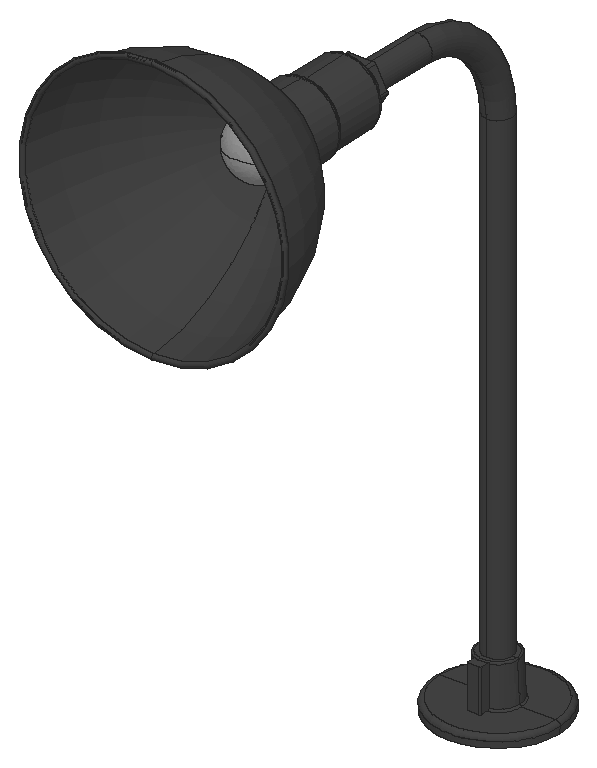
Revit family "BLE-G-DBW-G8-E26", category Lighting Fixtures, host Face, Revit 2022
Family settings
  Host = Face
  Round Connector Dimension = Use Diameter
  Part Type = Normal
  Cut with Voids When Loaded = No
  Light Source = Yes
  Maintain Annotation Orientation = No
  Shared = No
  Room Calculation Point = No
Parameters (values of type "10"")
  Wattage = 5.72229 W
  built-in parameter 1150110 = 1 (stored number, unit not read)
  built-in parameter 1114217 = 1 (stored number, unit not read)
  Tilt Angle = 0.00°
  built-in parameter 1150109 = 1 (stored number, unit not read)
  built-in parameter 1150134 = (empty or 0)
  built-in parameter 1150113 = 1 (stored number, unit not read)
  Gooseneck Material = 100 - Black
  Shade Material = 100 - Black
  Photometric Web File = "generic"
  built-in parameter 1150142 = (empty or 0)
  built-in parameter 1150105 = 67.641 (stored number, unit not read)
  Lumens = 850 lm
  built-in parameter 1150115 = 1 (stored number, unit not read)
  built-in parameter 1150137 = (empty or 0)
  built-in parameter 1150139 = (empty or 0)
  built-in parameter 1150112 = 1 (stored number, unit not read)
  built-in parameter 1150114 = 1 (stored number, unit not read)
  built-in parameter 1150132 = 2
  built-in parameter 1150102 = (empty or 0)
  built-in parameter 1150107 = 3000 (stored number, unit not read)
  built-in parameter 1150138 = (empty or 0)
  built-in parameter 1150106 = 0.67641 (stored number, unit not read)
  24" = no
  built-in parameter 1150104 = 13.8 (stored number, unit not read)
  20" = no
  Dimming Lamp Color Temperature Shift = <None>
  Default Elevation = 4' - 0"
  Color Filter = 16777215
  Base Material = 100 - Black
  built-in parameter 1114218 = 1 (stored number, unit not read)
  built-in parameter 1150133 = 10 (stored number, unit not read)
  16" = no
  14" = no
  12" = no
  10" = yes
Types (7): name | 24" | 20" | 16" | 14" | 12" | 10"
  (no name) | no | no | no | no | no | yes
  12" | no | no | no | no | yes | no
  14" | no | no | no | yes | no | no
  16" | no | no | yes | no | no | no
  10" | no | no | no | no | no | yes
  20" | no | yes | no | no | no | no
  24" | yes | no | no | no | no | no
Reference planes (in)
  plane 1 "Center (Front/Back)": y = 0
  plane 2: z = 0
  plane 3 "Center (Left/Right)": x = 0
Lines and regions (in)
  reference lines
    curve 1: line (0, 32, 0) -> (0, -36, 0)
    curve 2: line (-33.11947, 0, 0) -> (37.88053, 0, 0)
Dimensions and locks (in)
  locked: plane 1 "Center (Front/Back)" to imposter light at 11
  aligned and locked: plane 2 to host face
  aligned and locked: level to host face
  aligned and locked: plane 3 "Center (Left/Right)" to nested 1
  aligned and locked: plane 1 "Center (Front/Back)" to nested 1
  aligned and locked: nested 4 to imposter light
  aligned and locked: imposter light to nested 6  (x2)
  aligned and locked: nested 7 to nested 3
  aligned and locked: imposter light to plane 3 "Center (Left/Right)"
  aligned and locked: plane 1 "Center (Front/Back)" to nested 2
  aligned and locked: imposter light to nested 2
  aligned and locked: nested 5 to imposter light
  aligned and locked: imposter light to nested 3
  aligned and locked: nested 7 to imposter light
  aligned and locked: nested 3 to imposter light
Nested families (in)
  nested 1: "WBP-7501" at (0, 0, 0), type "WBP-7501"
  nested 2: "GNK-7508" at (0, 0, 1.975), type "GNK-5011"
  nested 3: "DBW Shade" at (0, -7.02665, 23.72498) x (0, 0, -1) z (0, -1, 0), type "DBW Shade"
    with 24" no, 20" no, 16" no, 14" no, 12" no
  nested 4: "103264" at (0, -3.60156, 23.72498) x (0, 0, -1) z (0, -1, 0), type "103264"
    with Heat Sink 9" no
  nested 5: "CPL-0004" at (0, -6.37647, 23.72498) x (1, 0, 0) z (0, -1, 0), type "CPL-0004"
  nested 6: "E26 Socket Assy" at (0, -7.06571, 23.72498) x (0, 0, -1) z (0, -1, 0), type "E26 Socket Assy"
  nested 7: "E26 Bulb" at (0, -9.3207, 23.72498) x (1, 0, 0) z (0, -1, 0), type "E26 Bulb"
Connectors (in)
  electrical at (0, 0, 0)
    settings: index 1, voltage 0 V, apparent load 0 VA, apparent load phase1 0 VA, apparent load phase2 0 VA, apparent load phase3 0 VA, power factor 1, load classification "Other", number of poles 1, system type 31, power factor state 1, is connector primary yes, connector utility no, sub classification motor no, connector description ""
Definition of nested family "WBP-7501"
  Parameters (values of type "WBP-7501")
    Default Elevation = 3' - 0"
    Base Material = none
  Reference planes (in)
    plane 1 "Center (Front/Back)": y = 0
    plane 2: z = 0
    plane 3 "Center (Left/Right)": x = 0
    plane 4 "Base Dia": x = -2.325
    plane 5 "Base Height": z = 0.4
    plane 6 "Fillet Radius": z = 0.225
    plane 7: z = 0.458
    plane 8: x = -0.87
    plane 9: x = -0.81
    plane 10: x = -0.76
    plane 11: z = 1.917
    plane 12: z = 1.975
    plane 13: x = -0.7
    plane 14: x = -0.2595
    plane 15: x = 0.2595
    plane 16: y = -1.135
  Forms (in)
    Extrusion 1, solid
      sketch origin (0, 0, 0) x (1, 0, 0) y (0, 1, 0)
        loop
          line (-48, 48) -> (-48, -48) -> (48, -48) -> (48, 48) -> (-48, 48)
      from 0 to -12
    Revolve 2, solid, material <- "Base Material"
      sketch origin (0, 0, 0) x (1, 0, 0) y (0, 0, 1)
        loop
          line (0, 0) -> (0, 1.975) -> (-0.7, 1.975)
          arc (-0.7, 1.975) -> (-0.74172, 1.95814) -> (-0.76, 1.91702) r 0.06003
          line (-0.76, 1.91702) -> (-0.81, 0.458)
          arc (-0.81, 0.458) -> (-0.82699, 0.41699) -> (-0.868, 0.4) r 0.058
          line (-0.868, 0.4) -> (-2.15, 0.4)
          arc (-2.15, 0.4) -> (-2.27374, 0.34874) -> (-2.325, 0.225) r 0.175
          line (-2.325, 0.225) -> (-2.325, 0) -> (0, 0)
        axis (0, 0) -> (0, 1.975)
      angle from 0 to 360
    Extrusion 3, solid, material <- "Base Material"
      sketch origin (0, 0, 0) x (1, 0, 0) y (0, 1, 0)
        loop
          line (-0.2595, -0.76731) -> (-0.2595, -1.075)
          arc (-0.2595, -1.075) -> (-0.24193, -1.11743) -> (-0.1995, -1.135) r 0.06
          line (-0.1995, -1.135) -> (0.1995, -1.135)
          arc (0.1995, -1.135) -> (0.24193, -1.11743) -> (0.2595, -1.075) r 0.06
          line (0.2595, -1.075) -> (0.2595, -0.76731)
          arc (0.2595, -0.76731) -> (0, -0.81) -> (-0.2595, -0.76731) r 0.81
      from 0 to 1.975
  Cuts and joins
    joined: Revolve 2, Extrusion 3
  Dimensions and locks (in)
    plane 4 "Base Dia" to plane 3 "Center (Left/Right)" = 0' - 2.325"
    locked: plane 5 "Base Height" to Extrusion 1 at 0.4
    locked: plane 3 "Center (Left/Right)" to plane 4 "Base Dia" at 2.325
    locked: plane 5 "Base Height" to plane 6 "Fillet Radius" at 0.175
    locked: plane 3 "Center (Left/Right)" to plane 9 at 0.81
    locked: plane 3 "Center (Left/Right)" to plane 8 at 0.87
    locked: plane 3 "Center (Left/Right)" to plane 10 at 0.76
    locked: plane 3 "Center (Left/Right)" to plane 13 at 0.7
    locked: plane 11 to plane 5 "Base Height" at 1.517
    locked: plane 12 to plane 5 "Base Height" at 1.575
    locked: plane 7 to plane 5 "Base Height" at 0.058
    locked: plane 14 to plane 3 "Center (Left/Right)" at 0.2595
    locked: plane 3 "Center (Left/Right)" to plane 15 at 0.2595
    locked: plane 16 to plane 1 "Center (Front/Back)" at 1.135
    radius of Revolve 2 sketch curve = 0' - 0.175"
    aligned and locked: plane 2 to Extrusion 1
    aligned and locked: level to Extrusion 1
    aligned and locked: Revolve 2 sketch curve to plane 5 "Base Height"
    aligned and locked: plane 9 to Revolve 2 sketch curve
    aligned and locked: plane 3 "Center (Left/Right)" to Revolve 2 sketch curve
    aligned and locked: plane 15 to Extrusion 3 sketch curve
    aligned and locked: Extrusion 3 sketch curve to plane 16
    aligned and locked: Extrusion 3 sketch curve to plane 14
  Automatic sketch dimensions
    Extrusion 1 sketch curve to Extrusion 1 sketch curve = 8' - 0"  (x2)
    Revolve 2 sketch curve to level = 0' - 0"
    Revolve 2 sketch curve to plane 4 "Base Dia" = 0' - 0"
    Revolve 2 sketch curve to plane 7 = 0' - 0"  (x2)
    plane 10 to Revolve 2 sketch curve = 0' - 0"
    Revolve 2 sketch curve to plane 12 = 0' - 0"
    Revolve 2 sketch curve to plane 13 = 0' - 0"
    Revolve 2 sketch curve to plane 3 "Center (Left/Right)" = 0' - 0"
    Revolve 2 sketch curve to Revolve 2 sketch curve = 0' - 0.22742"
    Revolve 2 sketch curve to Revolve 2 sketch curve = 0' - 1.76377"
    plane 1 "Center (Front/Back)" to Extrusion 3 sketch curve = 0' - 0"
    Extrusion 3 sketch curve to plane 3 "Center (Left/Right)" = 0' - 0"
    plane 14 to Extrusion 3 sketch curve = 0' - 0.06"
    Extrusion 3 sketch curve to plane 15 = 0' - 0.06"
    Extrusion 3 sketch curve to Extrusion 3 sketch curve = 0' - 0.30769"
Definition of nested family "GNK-7508"
  Parameters (values of type "GNK-7508")
    Gooseneck Material = none
    Default Elevation = 2' - 0"
  Reference planes (in)
    plane 1 "Center (Front/Back)": y = 0
    plane 2: z = 0
    plane 3 "Center (Left/Right)": x = 0
    plane 4 "Wood Height": z = 0
    plane 5: z = 21.74998
  Forms (in)
    Extrusion 1, solid
      sketch origin (0, 0, 0) x (1, 0, 0) y (0, 1, 0)
        loop
          line (-48, 48) -> (-48, -48) -> (48, -48) -> (48, 48) -> (-48, 48)
      from 0 to -12
    Sweep 2, solid, material <- "Gooseneck Material"
      path origin (0, 0, 0) x (0, 1, 0) y (0, 0, 1)
        loop
          line (0, -0.0015) -> (0, 18.00133)
          arc (0, 18.00133) -> (-1.09796, 20.65203) -> (-3.74865, 21.74998) r 3.74865
          line (-3.74865, 21.74998) -> (-6.37647, 21.74998)
      profile origin (0, 0, 8.99991) x (0, -1, 0) y (1, 0, 0)
        loop
          circle (0, 0) r 0.52676
  Dimensions and locks (in)
    aligned and locked: plane 2 to Extrusion 1
    aligned and locked: level to Extrusion 1
    aligned and locked: Extrusion 1 to plane 4 "Wood Height"
  Automatic sketch dimensions
    Extrusion 1 sketch curve to Extrusion 1 sketch curve = 8' - 0"  (x2)
    Sweep 2 sketch curve to plane 1 "Center (Front/Back)" = 0' - 0"
    plane 1 "Center (Front/Back)" to Sweep 2 sketch curve = 0' - 3.74865"
    level to Sweep 2 sketch curve = 1' - 6.00133"
    Sweep 2 sketch curve to Sweep 2 sketch curve = 0' - 2.62782"
    Sweep 2 sketch curve to level = 0' - 0.0015"
    Sweep 2 sketch curve to plane 3 "Center (Left/Right)" = 0' - 0"
    Sweep 2 sketch curve to profile plane = 0' - 0"
    radius of Sweep 2 sketch curve = 0' - 0.52676"
Definition of nested family "DBW Shade"
  Parameters (values of type "DBW Shade")
    Shade Material = none
    Default Elevation = 2' - 0"
    24" = yes
    20" = yes
    10" = yes
    16" = yes
    14" = yes
    12" = yes
  Reference planes (in)
    plane 1 "Center (Front/Back)": y = 0
    plane 2: z = 0
    plane 3 "Center (Left/Right)": x = 0
  Forms (in)
    Extrusion 1, solid
      sketch origin (0, 0, 0) x (1, 0, 0) y (0, 1, 0)
        loop
          line (-48, 48) -> (-48, -48) -> (48, -48) -> (48, 48) -> (-48, 48)
      from 0 to -12
  Dimensions and locks (in)
    aligned and locked: plane 2 to Extrusion 1
    aligned and locked: level to Extrusion 1
    aligned and locked: plane 1 "Center (Front/Back)" to nested 1
    aligned and locked: plane 3 "Center (Left/Right)" to nested 1
    aligned and locked: plane 3 "Center (Left/Right)" to nested 2
    aligned and locked: plane 1 "Center (Front/Back)" to nested 2
    aligned and locked: plane 1 "Center (Front/Back)" to nested 3
    aligned and locked: plane 3 "Center (Left/Right)" to nested 3
    aligned and locked: plane 1 "Center (Front/Back)" to nested 4
    aligned and locked: plane 1 "Center (Front/Back)" to nested 5
    aligned and locked: plane 3 "Center (Left/Right)" to nested 5
    aligned and locked: plane 3 "Center (Left/Right)" to nested 6
    aligned and locked: plane 1 "Center (Front/Back)" to nested 6
    aligned and locked: plane 3 "Center (Left/Right)" to nested 4
  Nested families (in)
    nested 1: "SHD-0028" at (0, 0, 0), visible <- "10"", type "SHD-0028"
    nested 2: "SHD-0029" at (0, 0, 0), visible <- "12"", type "SHD-0029"
    nested 3: "SHD-0114" at (0, 0, 0), visible <- "14"", type "SHD-0114"
    nested 4: "SHD-0115" at (0, 0, 0), visible <- "16"", type "SHD-0115"
    nested 5: "SHD-0308" at (0, 0, 0), visible <- "24"", type "SHD-0308"
    nested 6: "SHD-0223" at (0, 0, 0), visible <- "20"", type "SHD-0223"
  Definition of nested family "SHD-0028"
    Parameters (values of type "SHD-0028")
      Shade Material = none
      Default Elevation = 2' - 0"
    Reference planes (in)
      plane 1 "Center (Front/Back)": y = 0
      plane 2: z = 0
      plane 3 "Center (Left/Right)": x = 0
      plane 4 "Wood Height": z = 0
      plane 5 "Nut Radius": x = -1.03713
      plane 6 "Nut Flat": x = -0.861
      plane 7 "Shade Thickness": z = 0.04
      plane 8 "Lower Shade bottom": z = 9.109
      plane 9 "Lower Shade Outer Dia": x = -5
      plane 10 "Shade Top Dia": x = -1.20713
      plane 11 "Shade Middle Radius Height1": z = 1.965
      plane 12 "Shade Lower Diameter1": x = -1.44113
      plane 13 "Shade Top Radius": x = -1.29713
      plane 14 "Shade Middle Radious Height2": z = 2.105
      plane 15 "Shade Middle Radius Diameter2": x = -1.41363
      plane 16 "Lip Height": z = 9.029
      plane 17 "Bowl Start": z = 3.545
      plane 18: x = -4.85
      plane 19: z = 9.069
    Forms (in)
      Extrusion 1, solid
        sketch origin (0, 0, 0) x (1, 0, 0) y (0, 1, 0)
          loop
            line (-48, 48) -> (-48, -48) -> (48, -48) -> (48, 48) -> (-48, 48)
        from 0 to -12
      Revolve 2, solid, material <- "Shade Material"
        sketch origin (0, 0, 0) x (1, 0, 0) y (0, 0, 1)
          loop
            line (0, 0) -> (0, 0.03906) -> (-1.20713, 0.03906)
            arc (-1.20713, 0.03906) -> (-1.24314, 0.05398) -> (-1.25806, 0.09) r 0.05094
            line (-1.25806, 0.09) -> (-1.25806, 1.94384)
            arc (-1.25806, 1.94384) -> (-1.26409, 1.97759) -> (-1.28141, 2.00717) r 0.09757
            line (-1.28141, 2.00717) -> (-1.37456, 2.11635) -> (-1.37456, 3.48096)
            arc (-1.37456, 3.48096) -> (-1.39014, 3.54099) -> (-1.43295, 3.58588) r 0.12347
            arc (-1.43295, 3.58588) -> (-3.7536, 5.90437) -> (-4.80544, 9.01154) r 7.20294
            arc (-4.80544, 9.01154) -> (-4.99326, 9.04214) -> (-4.84504, 8.9228) r 0.09841
            line (-4.84504, 8.9228) -> (-4.86619, 8.95581)
            arc (-4.86619, 8.95581) -> (-4.95809, 9.02506) -> (-4.84432, 9.00777) r 0.05934
            arc (-4.84432, 9.00777) -> (-3.78678, 5.88375) -> (-1.45354, 3.55268) r 7.242
            arc (-1.45354, 3.55268) -> (-1.42428, 3.522) -> (-1.41363, 3.48096) r 0.0844
            line (-1.41363, 3.48096) -> (-1.41363, 2.13147)
            arc (-1.41363, 2.13147) -> (-1.40868, 2.10377) -> (-1.39446, 2.07949) r 0.08009
            line (-1.39446, 2.07949) -> (-1.31112, 1.98181)
            arc (-1.31112, 1.98181) -> (-1.30074, 1.96408) -> (-1.29713, 1.94384) r 0.0585
            line (-1.29713, 1.94384) -> (-1.29713, 0.09)
            arc (-1.29713, 0.09) -> (-1.27077, 0.02636) -> (-1.20713, 0) r 0.09
            line (-1.20713, 0) -> (0, 0)
          axis (0, 9.01154) -> (0, 0)
        angle from 0 to 360
    Dimensions and locks (in)
      locked: plane 6 "Nut Flat" to plane 3 "Center (Left/Right)" at 0.861
      locked: plane 7 "Shade Thickness" to plane 4 "Wood Height" at 0.04
      locked: plane 3 "Center (Left/Right)" to plane 9 "Lower Shade Outer Dia" at 5
      locked: plane 11 "Shade Middle Radius Height1" to plane 4 "Wood Height" at 1.965
      locked: plane 14 "Shade Middle Radious Height2" to plane 4 "Wood Height" at 2.105
      locked: plane 8 "Lower Shade bottom" to plane 16 "Lip Height" at 0.08
      locked: plane 17 "Bowl Start" to plane 4 "Wood Height" at 3.545
      locked: plane 18 to plane 9 "Lower Shade Outer Dia" at 0.15
      locked: plane 8 "Lower Shade bottom" to plane 19 at 0.04
      locked: plane 8 "Lower Shade bottom" to plane 4 "Wood Height" at 9.109
      aligned and locked: plane 2 to Extrusion 1
      aligned and locked: level to Extrusion 1
      aligned and locked: plane 4 "Wood Height" to Revolve 2 sketch curve
      aligned and locked: plane 10 "Shade Top Dia" to Revolve 2 sketch curve
      aligned and locked: Revolve 2 sketch curve to plane 15 "Shade Middle Radius Diameter2"
      aligned and locked: Revolve 2 sketch curve to plane 13 "Shade Top Radius"
      aligned and locked: Extrusion 1 to plane 4 "Wood Height"
    Automatic sketch dimensions
      Extrusion 1 sketch curve to Extrusion 1 sketch curve = 8' - 0"  (x2)
      Revolve 2 sketch curve to Revolve 2 sketch curve = 0' - 0"  (x12)
      Revolve 2 sketch curve to plane 3 "Center (Left/Right)" = 0' - 0"  (x2)
      plane 18 to Revolve 2 sketch curve = 0' - 0.00496"
      Revolve 2 sketch curve to plane 18 = 0' - 0.01619"
      plane 15 "Shade Middle Radius Diameter2" to Revolve 2 sketch curve = 0' - 0.01916"
      plane 14 "Shade Middle Radious Height2" to Revolve 2 sketch curve = 0' - 0.01135"
      plane 15 "Shade Middle Radius Diameter2" to Revolve 2 sketch curve = 0' - 0 5/128"
      Revolve 2 sketch curve to plane 11 "Shade Middle Radius Height1" = 0' - 0.02116"
      plane 15 "Shade Middle Radius Diameter2" to Revolve 2 sketch curve = 0' - 0.058"
      plane 14 "Shade Middle Radious Height2" to Revolve 2 sketch curve = 0' - 0.02647"
      Revolve 2 sketch curve to plane 13 "Shade Top Radius" = 0' - 0.01572"
      Revolve 2 sketch curve to Revolve 2 sketch curve = 0' - 0 5/128"
      Revolve 2 sketch curve to plane 17 "Bowl Start" = 0' - 0.06404"
      plane 18 to Revolve 2 sketch curve = 0' - 0.00568"
      plane 17 "Bowl Start" to Revolve 2 sketch curve = 0' - 0.15101"
      Revolve 2 sketch curve to Revolve 2 sketch curve = 0' - 2.15863"
      Revolve 2 sketch curve to plane 12 "Shade Lower Diameter1" = 0' - 0.00818"
      Revolve 2 sketch curve to Revolve 2 sketch curve = 0' - 0.03888"  (x2)
      Revolve 2 sketch curve to Revolve 2 sketch curve = 0' - 0.03301"
      Revolve 2 sketch curve to Revolve 2 sketch curve = 0' - 0.02059"
      Revolve 2 sketch curve to Revolve 2 sketch curve = 0' - 0.03319"
  Definition of nested family "SHD-0029"
    Parameters (values of type "SHD-0029")
      Shade Material = none
      Default Elevation = 2' - 0"
    Reference planes (in)
      plane 1 "Center (Front/Back)": y = 0
      plane 2: z = 0
      plane 3 "Center (Left/Right)": x = 0
      plane 4 "Wood Height": z = 0
      plane 5 "Nut Radius": x = -1.03713
      plane 6 "Nut Flat": x = -0.861
      plane 7 "Shade Thickness": z = 0.04
      plane 8 "Shade Top Dia": x = -1.20713
      plane 9 "Shade Middle Radius Height1": z = 1.965
      plane 10 "Shade Lower Diameter1": x = -1.44113
      plane 11 "Shade Top Radius": x = -1.29713
      plane 12 "Shade Middle Radious Height2": z = 2.105
      plane 13 "Shade Middle Radius Diameter2": x = -1.41363
      plane 14 "Bowl Start": z = 3.545
    Forms (in)
      Extrusion 1, solid
        sketch origin (0, 0, 0) x (1, 0, 0) y (0, 1, 0)
          loop
            line (-48, 48) -> (-48, -48) -> (48, -48) -> (48, 48) -> (-48, 48)
        from 0 to -12
      Revolve 2, solid, material <- "Shade Material"
        sketch origin (0, 0, 0) x (1, 0, 0) y (0, 0, 1)
          loop
            line (0, 0) -> (0, 0.03906) -> (-1.20713, 0.03906)
            arc (-1.20713, 0.03906) -> (-1.24314, 0.05398) -> (-1.25806, 0.09) r 0.05094
            line (-1.25806, 0.09) -> (-1.25806, 1.94384)
            arc (-1.25806, 1.94384) -> (-1.26409, 1.97759) -> (-1.28141, 2.00717) r 0.09757
            line (-1.28141, 2.00717) -> (-1.37456, 2.11635) -> (-1.37456, 3.49488)
            arc (-1.37456, 3.49488) -> (-1.3856, 3.54027) -> (-1.41623, 3.57553) r 0.09889
            arc (-1.41623, 3.57553) -> (-4.2546, 6.22323) -> (-5.80711, 9.7808) r 9.56481
            arc (-5.80711, 9.7808) -> (-5.99536, 9.79563) -> (-5.84506, 9.68132) r 0.09841
            line (-5.84506, 9.68132) -> (-5.86621, 9.71432)
            arc (-5.86621, 9.71432) -> (-5.9593, 9.78052) -> (-5.84534, 9.77276) r 0.05934
            arc (-5.84534, 9.77276) -> (-4.28694, 6.2013) -> (-1.43786, 3.54296) r 9.60387
            arc (-1.43786, 3.54296) -> (-1.42003, 3.5218) -> (-1.41363, 3.49488) r 0.05982
            line (-1.41363, 3.49488) -> (-1.41363, 2.13147)
            arc (-1.41363, 2.13147) -> (-1.40868, 2.10377) -> (-1.39446, 2.07949) r 0.08009
            line (-1.39446, 2.07949) -> (-1.31112, 1.98181)
            arc (-1.31112, 1.98181) -> (-1.30074, 1.96408) -> (-1.29713, 1.94384) r 0.0585
            line (-1.29713, 1.94384) -> (-1.29713, 0.09)
            arc (-1.29713, 0.09) -> (-1.27077, 0.02636) -> (-1.20713, 0) r 0.09
            line (-1.20713, 0) -> (0, 0)
          axis (0, 9.7808) -> (0, 0)
        angle from 0 to 360
    Dimensions and locks (in)
      locked: plane 6 "Nut Flat" to plane 3 "Center (Left/Right)" at 0.861
      locked: plane 7 "Shade Thickness" to plane 4 "Wood Height" at 0.04
      locked: plane 9 "Shade Middle Radius Height1" to plane 4 "Wood Height" at 1.965
      locked: plane 12 "Shade Middle Radious Height2" to plane 4 "Wood Height" at 2.105
      locked: plane 14 "Bowl Start" to plane 4 "Wood Height" at 3.545
      aligned and locked: plane 2 to Extrusion 1
      aligned and locked: level to Extrusion 1
      aligned and locked: plane 4 "Wood Height" to Revolve 2 sketch curve
      aligned and locked: plane 8 "Shade Top Dia" to Revolve 2 sketch curve
      aligned and locked: Revolve 2 sketch curve to plane 13 "Shade Middle Radius Diameter2"
      aligned and locked: Revolve 2 sketch curve to plane 11 "Shade Top Radius"
      aligned and locked: Extrusion 1 to plane 4 "Wood Height"
    Automatic sketch dimensions
      Extrusion 1 sketch curve to Extrusion 1 sketch curve = 8' - 0"  (x2)
      Revolve 2 sketch curve to Revolve 2 sketch curve = 0' - 0"  (x15)
      Revolve 2 sketch curve to plane 3 "Center (Left/Right)" = 0' - 0"  (x2)
      plane 10 "Shade Lower Diameter1" to Revolve 2 sketch curve = 0' - 0.03232"
      Revolve 2 sketch curve to Revolve 2 sketch curve = 0' - 0.02115"
      Revolve 2 sketch curve to Revolve 2 sketch curve = 0' - 0.0372"
      plane 13 "Shade Middle Radius Diameter2" to Revolve 2 sketch curve = 0' - 0.01916"
      plane 12 "Shade Middle Radious Height2" to Revolve 2 sketch curve = 0' - 0.01135"
      plane 13 "Shade Middle Radius Diameter2" to Revolve 2 sketch curve = 0' - 0 5/128"
      Revolve 2 sketch curve to plane 9 "Shade Middle Radius Height1" = 0' - 0.02116"
      plane 13 "Shade Middle Radius Diameter2" to Revolve 2 sketch curve = 0' - 0.058"
      plane 12 "Shade Middle Radious Height2" to Revolve 2 sketch curve = 0' - 0.02647"
      Revolve 2 sketch curve to plane 11 "Shade Top Radius" = 0' - 0.01572"
      Revolve 2 sketch curve to Revolve 2 sketch curve = 0' - 0 5/128"
      Revolve 2 sketch curve to plane 14 "Bowl Start" = 0' - 0.05012"
      Revolve 2 sketch curve to Revolve 2 sketch curve = 0' - 0.03301"
      Revolve 2 sketch curve to Revolve 2 sketch curve = 0' - 0.04623"
      Revolve 2 sketch curve to plane 13 "Shade Middle Radius Diameter2" = 0' - 0.00261"
      Revolve 2 sketch curve to plane 14 "Bowl Start" = 0' - 0.00204"
      plane 14 "Bowl Start" to Revolve 2 sketch curve = 0' - 0.15101"
      Revolve 2 sketch curve to Revolve 2 sketch curve = 0' - 2.15863"
      plane 10 "Shade Lower Diameter1" to Revolve 2 sketch curve = 0' - 4.40394"
      plane 3 "Center (Left/Right)" to Revolve 2 sketch curve = 0' - 3.5532"
      plane 14 "Bowl Start" to Revolve 2 sketch curve = 0' - 6.13632"
  Definition of nested family "SHD-0114"
    Parameters (values of type "SHD-0114")
      Shade Material = none
      Default Elevation = 2' - 0"
    Reference planes (in)
      plane 1 "Center (Front/Back)": y = 0
      plane 2: z = 0
      plane 3 "Center (Left/Right)": x = 0
      plane 4 "Wood Height": z = 0
    Forms (in)
      Extrusion 1, solid
        sketch origin (0, 0, 0) x (1, 0, 0) y (0, 1, 0)
          loop
            line (-48, 48) -> (-48, -48) -> (48, -48) -> (48, 48) -> (-48, 48)
        from 0 to -12
      Revolve 2, solid, material <- "Shade Material"
        sketch origin (0, 0, 0) x (1, 0, 0) y (0, 0, 1)
          loop
            line (0, 0) -> (0, 0.03906) -> (-1.45545, 0.03906)
            arc (-1.45545, 0.03906) -> (-1.49164, 0.05405) -> (-1.50663, 0.09025) r 0.05119
            line (-1.50663, 0.09025) -> (-1.50663, 2.07228)
            arc (-1.50663, 2.07228) -> (-1.51325, 2.1034) -> (-1.53194, 2.12913) r 0.0765
            line (-1.53194, 2.12913) -> (-1.59895, 2.18946)
            arc (-1.59895, 2.18946) -> (-1.61737, 2.21483) -> (-1.62389, 2.24549) r 0.07539
            line (-1.62389, 2.24549) -> (-1.62389, 3.76049)
            arc (-1.62389, 3.76049) -> (-1.63985, 3.81863) -> (-1.68326, 3.86047) r 0.11386
            arc (-1.68326, 3.86047) -> (-5.12462, 6.95788) -> (-6.79993, 11.27416) r 9.99002
            arc (-6.79993, 11.27416) -> (-6.99505, 11.29998) -> (-6.84047, 11.17815) r 0.10205
            line (-6.84047, 11.17815) -> (-6.86365, 11.20959)
            arc (-6.86365, 11.20959) -> (-6.95906, 11.28479) -> (-6.83863, 11.26885) r 0.06299
            arc (-6.83863, 11.26885) -> (-5.15677, 6.93569) -> (-1.70196, 3.82617) r 10.02909
            arc (-1.70196, 3.82617) -> (-1.67344, 3.79868) -> (-1.66295, 3.76049) r 0.07479
            line (-1.66295, 3.76049) -> (-1.66295, 2.24549)
            arc (-1.66295, 2.24549) -> (-1.65306, 2.19894) -> (-1.62508, 2.16043) r 0.11445
            line (-1.62508, 2.16043) -> (-1.55808, 2.1001)
            arc (-1.55808, 2.1001) -> (-1.54893, 2.08751) -> (-1.54569, 2.07228) r 0.03743
            line (-1.54569, 2.07228) -> (-1.54569, 0.09025)
            arc (-1.54569, 0.09025) -> (-1.51926, 0.02643) -> (-1.45545, 0) r 0.09025
            line (-1.45545, 0) -> (0, 0)
          axis (0, 11.27416) -> (0, 0)
        angle from 0 to 360
    Dimensions and locks (in)
      aligned and locked: plane 2 to Extrusion 1
      aligned and locked: level to Extrusion 1
      aligned and locked: Extrusion 1 to plane 4 "Wood Height"
    Automatic sketch dimensions
      Extrusion 1 sketch curve to Extrusion 1 sketch curve = 8' - 0"  (x2)
      Revolve 2 sketch curve to Revolve 2 sketch curve = 0' - 0"  (x25)
      Revolve 2 sketch curve to level = 0' - 0"
      Revolve 2 sketch curve to plane 3 "Center (Left/Right)" = 0' - 0"  (x2)
      Revolve 2 sketch curve to Revolve 2 sketch curve = 0' - 0.01239"
      Revolve 2 sketch curve to Revolve 2 sketch curve = 0' - 0.07479"
      Revolve 2 sketch curve to Revolve 2 sketch curve = 0' - 0.02318"
      Revolve 2 sketch curve to Revolve 2 sketch curve = 0' - 0.03738"
      Revolve 2 sketch curve to Revolve 2 sketch curve = 0' - 0.03144"
      Revolve 2 sketch curve to Revolve 2 sketch curve = 0' - 0.0507"
      Revolve 2 sketch curve to Revolve 2 sketch curve = 0' - 0.01869"  (x2)
      Revolve 2 sketch curve to Revolve 2 sketch curve = 0' - 2.15863"
      plane 3 "Center (Left/Right)" to Revolve 2 sketch curve = 0' - 3.09734"
      Revolve 2 sketch curve to Revolve 2 sketch curve = 0' - 0.02614"
      Revolve 2 sketch curve to Revolve 2 sketch curve = 0' - 0 5/128"  (x2)
      Revolve 2 sketch curve to Revolve 2 sketch curve = 0' - 1.45545"
      Revolve 2 sketch curve to Revolve 2 sketch curve = 0' - 0.05119"
      Revolve 2 sketch curve to Revolve 2 sketch curve = 0' - 0.02531"
      Revolve 2 sketch curve to Revolve 2 sketch curve = 0' - 0.01656"
      Revolve 2 sketch curve to Revolve 2 sketch curve = 0' - 0.02505"
      Revolve 2 sketch curve to Revolve 2 sketch curve = 0' - 0.05045"
      Revolve 2 sketch curve to plane 3 "Center (Left/Right)" = 0' - 6.84047"
      Revolve 2 sketch curve to Revolve 2 sketch curve = 0' - 1.98204"
      Revolve 2 sketch curve to Revolve 2 sketch curve = 0' - 1.515"
      Revolve 2 sketch curve to Revolve 2 sketch curve = 0' - 7.41765"
      Revolve 2 sketch curve to Revolve 2 sketch curve = 0' - 0.06448"
  Definition of nested family "SHD-0115"
    Parameters (values of type "SHD-0115")
      Shade Material = none
      Default Elevation = 2' - 0"
    Reference planes (in)
      plane 1 "Center (Front/Back)": y = 0
      plane 2: z = 0
      plane 3 "Center (Left/Right)": x = 0
      plane 4 "Wood Height": z = 0
    Forms (in)
      Extrusion 1, solid
        sketch origin (0, 0, 0) x (1, 0, 0) y (0, 1, 0)
          loop
            line (-48, 48) -> (-48, -48) -> (48, -48) -> (48, 48) -> (-48, 48)
        from 0 to -12
      Revolve 2, solid, material <- "Shade Material"
        sketch origin (0, 0, 0) x (1, 0, 0) y (0, 0, 1)
          loop
            line (0, 0) -> (0, 0.03906) -> (-1.45545, 0.03906)
            arc (-1.45545, 0.03906) -> (-1.49164, 0.05405) -> (-1.50663, 0.09025) r 0.05119
            line (-1.50663, 0.09025) -> (-1.50663, 2.07228)
            arc (-1.50663, 2.07228) -> (-1.51325, 2.1034) -> (-1.53194, 2.12913) r 0.0765
            line (-1.53194, 2.12913) -> (-1.59895, 2.18946)
            arc (-1.59895, 2.18946) -> (-1.61737, 2.21483) -> (-1.62389, 2.24549) r 0.07539
            line (-1.62389, 2.24549) -> (-1.62389, 3.76049)
            arc (-1.62389, 3.76049) -> (-1.64115, 3.82076) -> (-1.6877, 3.86276) r 0.11386
            arc (-1.6877, 3.86276) -> (-5.9143, 7.51176) -> (-7.79992, 12.76759) r 10.98102
            arc (-7.79992, 12.76759) -> (-7.99459, 12.80067) -> (-7.84102, 12.67655) r 0.10205
            line (-7.84102, 12.67655) -> (-7.8642, 12.70799)
            arc (-7.8642, 12.70799) -> (-7.95899, 12.7846) -> (-7.83883, 12.76418) r 0.06299
            arc (-7.83883, 12.76418) -> (-5.94651, 7.48965) -> (-1.70487, 3.82767) r 11.02008
            arc (-1.70487, 3.82767) -> (-1.67429, 3.80009) -> (-1.66295, 3.76049) r 0.07479
            line (-1.66295, 3.76049) -> (-1.66295, 2.24549)
            arc (-1.66295, 2.24549) -> (-1.65306, 2.19894) -> (-1.62508, 2.16043) r 0.11445
            line (-1.62508, 2.16043) -> (-1.55808, 2.1001)
            arc (-1.55808, 2.1001) -> (-1.54893, 2.08751) -> (-1.54569, 2.07228) r 0.03743
            line (-1.54569, 2.07228) -> (-1.54569, 0.09025)
            arc (-1.54569, 0.09025) -> (-1.51926, 0.02643) -> (-1.45545, 0) r 0.09025
            line (-1.45545, 0) -> (0, 0)
          axis (0, 12.76759) -> (0, 0)
        angle from 0 to 360
    Dimensions and locks (in)
      aligned and locked: plane 2 to Extrusion 1
      aligned and locked: level to Extrusion 1
      aligned and locked: Extrusion 1 to plane 4 "Wood Height"
    Automatic sketch dimensions
      Extrusion 1 sketch curve to Extrusion 1 sketch curve = 8' - 0"  (x2)
      Revolve 2 sketch curve to Revolve 2 sketch curve = 0' - 0"  (x16)
      Revolve 2 sketch curve to level = 0' - 0"
      Revolve 2 sketch curve to plane 3 "Center (Left/Right)" = 0' - 0"  (x2)
      Revolve 2 sketch curve to Revolve 2 sketch curve = 0' - 1.45545"
      Revolve 2 sketch curve to plane 3 "Center (Left/Right)" = 0' - 1.50663"
      Revolve 2 sketch curve to Revolve 2 sketch curve = 0' - 0.02531"
      Revolve 2 sketch curve to Revolve 2 sketch curve = 0' - 0 5/128"
      Revolve 2 sketch curve to Revolve 2 sketch curve = 0' - 0.01656"
      Revolve 2 sketch curve to Revolve 2 sketch curve = 0' - 0.01239"
      Revolve 2 sketch curve to Revolve 2 sketch curve = 0' - 0.02505"
      Revolve 2 sketch curve to Revolve 2 sketch curve = 0' - 0.05045"
      Revolve 2 sketch curve to Revolve 2 sketch curve = 0' - 0.02494"
      Revolve 2 sketch curve to Revolve 2 sketch curve = 0' - 0.02614"
      Revolve 2 sketch curve to Revolve 2 sketch curve = 0' - 0.07479"
      Revolve 2 sketch curve to Revolve 2 sketch curve = 0' - 0.02318"
      Revolve 2 sketch curve to Revolve 2 sketch curve = 0' - 0.03738"
      plane 3 "Center (Left/Right)" to Revolve 2 sketch curve = 0' - 3.13919"
      Revolve 2 sketch curve to Revolve 2 sketch curve = 0' - 1.98204"
      Revolve 2 sketch curve to Revolve 2 sketch curve = 0' - 1.515"
      Revolve 2 sketch curve to Revolve 2 sketch curve = 0' - 0.03144"
      Revolve 2 sketch curve to Revolve 2 sketch curve = 0' - 0.0507"
      Revolve 2 sketch curve to Revolve 2 sketch curve = 0' - 1.04947"
      Revolve 2 sketch curve to Revolve 2 sketch curve = 0' - 0.03891"
      Revolve 2 sketch curve to Revolve 2 sketch curve = 0' - 0.06448"
      Revolve 2 sketch curve to Revolve 2 sketch curve = 0' - 2.15863"
  Definition of nested family "SHD-0308"
    Parameters (values of type "SHD-0308")
      Shade Material = none
      Default Elevation = 2' - 0"
    Reference planes (in)
      plane 1 "Center (Front/Back)": y = 0
      plane 2: z = 0
      plane 3 "Center (Left/Right)": x = 0
      plane 4 "Wood Height": z = 0
    Forms (in)
      Extrusion 1, solid
        sketch origin (0, 0, 0) x (1, 0, 0) y (0, 1, 0)
          loop
            line (-48, 48) -> (-48, -48) -> (48, -48) -> (48, 48) -> (-48, 48)
        from 0 to -12
      Revolve 2, solid, material <- "Shade Material"
        sketch origin (0, 0, 0) x (1, 0, 0) y (0, 0, 1)
          loop
            line (0, 0) -> (0, 0.03906) -> (-2.22237, 0.03906)
            arc (-2.22237, 0.03906) -> (-2.2742, 0.06053) -> (-2.29567, 0.11236) r 0.0733
            line (-2.29567, 0.11236) -> (-2.29567, 3.09806)
            arc (-2.29567, 3.09806) -> (-2.30835, 3.16758) -> (-2.34475, 3.22814) r 0.19691
            line (-2.34475, 3.22814) -> (-2.42725, 3.32189)
            arc (-2.42725, 3.32189) -> (-2.46224, 3.38009) -> (-2.47442, 3.4469) r 0.18923
            line (-2.47442, 3.4469) -> (-2.47442, 5.72055)
            arc (-2.47442, 5.72055) -> (-2.4994, 5.80773) -> (-2.56677, 5.86845) r 0.16462
            arc (-2.56677, 5.86845) -> (-9.0535, 11.47959) -> (-11.91654, 19.56448) r 16.76616
            arc (-11.91654, 19.56448) -> (-11.93143, 19.59499) -> (-11.96306, 19.60734) r 0.04667
            line (-11.96306, 19.60734) -> (-12.00319, 19.60734)
            arc (-12.00319, 19.60734) -> (-12.07667, 19.53386) -> (-12.00319, 19.46037) r 0.07348
            line (-12.00319, 19.46037) -> (-11.96309, 19.46037) -> (-11.96309, 19.49944) -> (-12.00319, 19.49944)
            arc (-12.00319, 19.49944) -> (-12.03761, 19.53386) -> (-12.00319, 19.56828) r 0.03442
            line (-12.00319, 19.56828) -> (-11.95604, 19.56828)
            arc (-11.95604, 19.56828) -> (-9.08774, 11.46046) -> (-2.58392, 5.83336) r 16.80523
            arc (-2.58392, 5.83336) -> (-2.53254, 5.78704) -> (-2.51348, 5.72055) r 0.12556
            line (-2.51348, 5.72055) -> (-2.51348, 3.4469)
            arc (-2.51348, 3.4469) -> (-2.49878, 3.3663) -> (-2.45658, 3.29609) r 0.22829
            line (-2.45658, 3.29609) -> (-2.37408, 3.20234)
            arc (-2.37408, 3.20234) -> (-2.34489, 3.15379) -> (-2.33473, 3.09806) r 0.15785
            line (-2.33473, 3.09806) -> (-2.33473, 0.11236)
            arc (-2.33473, 0.11236) -> (-2.30182, 0.03291) -> (-2.22237, 0) r 0.11236
            line (-2.22237, 0) -> (0, 0)
          axis (0, 19.60734) -> (0, 0)
        angle from 0 to 360
    Dimensions and locks (in)
      aligned and locked: plane 2 to Extrusion 1
      aligned and locked: level to Extrusion 1
      aligned and locked: Extrusion 1 to plane 4 "Wood Height"
    Automatic sketch dimensions
      Extrusion 1 sketch curve to Extrusion 1 sketch curve = 8' - 0"  (x2)
      Revolve 2 sketch curve to Revolve 2 sketch curve = 0' - 0"  (x24)
      Revolve 2 sketch curve to level = 0' - 0"
      Revolve 2 sketch curve to plane 3 "Center (Left/Right)" = 0' - 0"  (x2)
      Revolve 2 sketch curve to Revolve 2 sketch curve = 0' - 0.01047"
      Revolve 2 sketch curve to Revolve 2 sketch curve = 0' - 0.01002"
      Revolve 2 sketch curve to Revolve 2 sketch curve = 0' - 0.02933"  (x2)
      Revolve 2 sketch curve to Revolve 2 sketch curve = 0' - 0.04717"
      Revolve 2 sketch curve to Revolve 2 sketch curve = 0' - 0.12556"
      Revolve 2 sketch curve to Revolve 2 sketch curve = 0' - 0.00701"
      Revolve 2 sketch curve to Revolve 2 sketch curve = 0' - 0.00004"
      Revolve 2 sketch curve to Revolve 2 sketch curve = 0' - 0.04013"
      plane 3 "Center (Left/Right)" to Revolve 2 sketch curve = 0' - 4.79372"
      Revolve 2 sketch curve to Revolve 2 sketch curve = 0' - 0 5/128"  (x2)
      Revolve 2 sketch curve to Revolve 2 sketch curve = 0' - 2.9857"
      Revolve 2 sketch curve to Revolve 2 sketch curve = 0' - 2.27365"
      Revolve 2 sketch curve to Revolve 2 sketch curve = 0' - 0.03442"
      Revolve 2 sketch curve to Revolve 2 sketch curve = 0' - 0.00761"
      Revolve 2 sketch curve to Revolve 2 sketch curve = 0' - 0.24911"
      Revolve 2 sketch curve to Revolve 2 sketch curve = 0' - 2.15863"
      Revolve 2 sketch curve to Revolve 2 sketch curve = 0' - 2.22237"
      Revolve 2 sketch curve to plane 3 "Center (Left/Right)" = 0' - 2.28519"
      Revolve 2 sketch curve to plane 3 "Center (Left/Right)" = 0' - 11.95604"
      Revolve 2 sketch curve to Revolve 2 sketch curve = 1' - 1.73983"
      Revolve 2 sketch curve to Revolve 2 sketch curve = 1' - 3.07792"
  Definition of nested family "SHD-0223"
    Parameters (values of type "SHD-0223")
      Shade Material = none
      Default Elevation = 2' - 0"
    Reference planes (in)
      plane 1 "Center (Front/Back)": y = 0
      plane 2: z = 0
      plane 3 "Center (Left/Right)": x = 0
      plane 4 "Wood Height": z = 0
    Forms (in)
      Extrusion 1, solid
        sketch origin (0, 0, 0) x (1, 0, 0) y (0, 1, 0)
          loop
            line (-48, 48) -> (-48, -48) -> (48, -48) -> (48, 48) -> (-48, 48)
        from 0 to -12
      Revolve 2, solid, material <- "Shade Material"
        sketch origin (0, 0, 0) x (1, 0, 0) y (0, 0, 1)
          loop
            line (0, 0) -> (0, 0.03906) -> (-1.8485, 0.03906)
            arc (-1.8485, 0.03906) -> (-1.88896, 0.05582) -> (-1.90572, 0.09628) r 0.05722
            line (-1.90572, 0.09628) -> (-1.90572, 2.57881)
            arc (-1.90572, 2.57881) -> (-1.9168, 2.64011) -> (-1.94865, 2.69364) r 0.17504
            line (-1.94865, 2.69364) -> (-2.01787, 2.77327)
            arc (-2.01787, 2.77327) -> (-2.04498, 2.81883) -> (-2.05441, 2.871) r 0.14898
            line (-2.05441, 2.871) -> (-2.05441, 4.7663)
            arc (-2.05441, 4.7663) -> (-2.07634, 4.84285) -> (-2.13548, 4.89618) r 0.14458
            arc (-2.13548, 4.89618) -> (-7.53748, 9.56968) -> (-9.92412, 16.30223) r 13.97395
            arc (-9.92412, 16.30223) -> (-9.93712, 16.32887) -> (-9.96474, 16.33964) r 0.04076
            line (-9.96474, 16.33964) -> (-10.00281, 16.33964)
            arc (-10.00281, 16.33964) -> (-10.06432, 16.27814) -> (-10.00281, 16.21663) r 0.06151
            line (-10.00281, 16.21663) -> (-9.96563, 16.21663) -> (-9.96563, 16.25569) -> (-10.00281, 16.25569)
            arc (-10.00281, 16.25569) -> (-10.02526, 16.27814) -> (-10.00281, 16.30058) r 0.02244
            line (-10.00281, 16.30058) -> (-9.96317, 16.30058)
            arc (-9.96317, 16.30058) -> (-7.57018, 9.5483) -> (-2.15264, 4.86109) r 14.01301
            arc (-2.15264, 4.86109) -> (-2.10948, 4.82217) -> (-2.09348, 4.7663) r 0.10551
            line (-2.09348, 4.7663) -> (-2.09348, 2.871)
            arc (-2.09348, 2.871) -> (-2.08157, 2.80515) -> (-2.04735, 2.74764) r 0.18804
            line (-2.04735, 2.74764) -> (-1.97814, 2.66801)
            arc (-1.97814, 2.66801) -> (-1.95339, 2.62643) -> (-1.94478, 2.57881) r 0.13598
            line (-1.94478, 2.57881) -> (-1.94478, 0.09628)
            arc (-1.94478, 0.09628) -> (-1.91658, 0.0282) -> (-1.8485, 0) r 0.09628
            line (-1.8485, 0) -> (0, 0)
          axis (0, 16.33964) -> (0, 0)
        angle from 0 to 360
    Dimensions and locks (in)
      aligned and locked: plane 2 to Extrusion 1
      aligned and locked: level to Extrusion 1
      aligned and locked: Extrusion 1 to plane 4 "Wood Height"
    Automatic sketch dimensions
      Extrusion 1 sketch curve to Extrusion 1 sketch curve = 8' - 0"  (x2)
      Revolve 2 sketch curve to Revolve 2 sketch curve = 0' - 0"  (x24)
      Revolve 2 sketch curve to level = 0' - 0"
      Revolve 2 sketch curve to plane 3 "Center (Left/Right)" = 0' - 0"  (x2)
      Revolve 2 sketch curve to Revolve 2 sketch curve = 0' - 0.05722"
      Revolve 2 sketch curve to Revolve 2 sketch curve = 0' - 0.00387"
      Revolve 2 sketch curve to Revolve 2 sketch curve = 0' - 0.02948"  (x2)
      Revolve 2 sketch curve to Revolve 2 sketch curve = 0' - 0.06922"
      Revolve 2 sketch curve to Revolve 2 sketch curve = 0' - 0.10551"
      Revolve 2 sketch curve to Revolve 2 sketch curve = 0' - 0.00156"
      Revolve 2 sketch curve to Revolve 2 sketch curve = 0' - 0.0009"
      Revolve 2 sketch curve to Revolve 2 sketch curve = 0' - 0.03807"
      plane 3 "Center (Left/Right)" to Revolve 2 sketch curve = 0' - 4.00263"
      Revolve 2 sketch curve to Revolve 2 sketch curve = 0' - 0 5/128"  (x2)
      Revolve 2 sketch curve to Revolve 2 sketch curve = 0' - 0.02244"
      Revolve 2 sketch curve to Revolve 2 sketch curve = 0' - 0.0017"
      Revolve 2 sketch curve to Revolve 2 sketch curve = 0' - 2.15863"
      Revolve 2 sketch curve to Revolve 2 sketch curve = 0' - 11.59521"
      Revolve 2 sketch curve to Revolve 2 sketch curve = 0' - 1.8485"
      Revolve 2 sketch curve to Revolve 2 sketch curve = 0' - 0.00028"
      Revolve 2 sketch curve to plane 3 "Center (Left/Right)" = 0' - 9.96317"
      Revolve 2 sketch curve to Revolve 2 sketch curve = 0' - 2.48252"
      Revolve 2 sketch curve to Revolve 2 sketch curve = 0' - 1.89529"
      Revolve 2 sketch curve to Revolve 2 sketch curve = 0' - 11.45033"
      Revolve 2 sketch curve to Revolve 2 sketch curve = 0' - 1.11021"
Definition of nested family "CPL-0004"
  Parameters (values of type "CPL-0004")
    Coupler Material = none
    Default Elevation = 2' - 0"
  Reference planes (in)
    plane 1 "Center (Front/Back)": y = 0
    plane 2: z = 0
    plane 3 "Center (Left/Right)": x = 0
    plane 4 "Wood Height": z = 0
    plane 5: y = 0.875
    plane 6: z = 0.4
  Forms (in)
    Extrusion 1, solid
      sketch origin (0, 0, 0) x (1, 0, 0) y (0, 1, 0)
        loop
          line (-48, 48) -> (-48, -48) -> (48, -48) -> (48, 48) -> (-48, 48)
      from 0 to -12
    Extrusion 2, solid, material <- "Coupler Material"
      sketch origin (0, 0, 0) x (1, 0, 0) y (0, 1, 0)
        loop
          line (-0.54127, 0.8125) -> (-0.97428, 0.0625)
          arc (-0.97428, 0.0625) -> (-0.99103, 0) -> (-0.97428, -0.0625) r 0.125
          line (-0.97428, -0.0625) -> (-0.54127, -0.8125)
          arc (-0.54127, -0.8125) -> (-0.49551, -0.85825) -> (-0.43301, -0.875) r 0.125
          line (-0.43301, -0.875) -> (0.43301, -0.875)
          arc (0.43301, -0.875) -> (0.49551, -0.85825) -> (0.54127, -0.8125) r 0.125
          line (0.54127, -0.8125) -> (0.97428, -0.0625)
          arc (0.97428, -0.0625) -> (0.99103, 0) -> (0.97428, 0.0625) r 0.125
          line (0.97428, 0.0625) -> (0.54127, 0.8125)
          arc (0.54127, 0.8125) -> (0.49551, 0.85825) -> (0.43301, 0.875) r 0.125
          line (0.43301, 0.875) -> (-0.43301, 0.875)
          arc (-0.43301, 0.875) -> (-0.49551, 0.85825) -> (-0.54127, 0.8125) r 0.125
      from 0 to 0.4
    Revolve 3, solid, material <- "Coupler Material"
      sketch origin (0, 0, 0) x (1, 0, 0) y (0, 0, 1)
        loop
          line (0, 0.65018) -> (-1.00921, 0.65018) -> (-1.03665, 0.61971) -> (-1.02973, 0.43008)
          arc (-1.02973, 0.43008) -> (-1.02417, 0.41239) -> (-1.01036, 0.4) r 0.03506
          line (-1.01036, 0.4) -> (0, 0.4) -> (0, 0.65018)
        axis (0, 0.65018) -> (0, 0.4)
      angle from 0 to 360
  Dimensions and locks (in)
    locked: plane 5 to plane 1 "Center (Front/Back)" at 0.875
    locked: plane 6 to Extrusion 1 at 0.4
    aligned and locked: plane 2 to Extrusion 1
    aligned and locked: level to Extrusion 1
    aligned and locked: Extrusion 1 to plane 4 "Wood Height"
    aligned and locked: Revolve 3 sketch curve to plane 3 "Center (Left/Right)"
  Automatic sketch dimensions
    Extrusion 1 sketch curve to Extrusion 1 sketch curve = 8' - 0"  (x2)
    Revolve 3 sketch curve to plane 6 = 0' - 0"
    Revolve 3 sketch curve to plane 3 "Center (Left/Right)" = 0' - 0"
    plane 6 to Revolve 3 sketch curve = 0' - 0.03136"
    Revolve 3 sketch curve to plane 3 "Center (Left/Right)" = 0' - 0.99469"
    plane 6 to Revolve 3 sketch curve = 0' - 0.25018"
    Revolve 3 sketch curve to Revolve 3 sketch curve = 0' - 0.01453"
    Revolve 3 sketch curve to Revolve 3 sketch curve = 0' - 0.01568"
    plane 6 to Revolve 3 sketch curve = 0' - 0.03008"
    plane 6 to Revolve 3 sketch curve = 0' - 0.21971"
    Revolve 3 sketch curve to Revolve 3 sketch curve = 0' - 0.02744"
    Revolve 3 sketch curve to level = 0' - 0.16839"
    Revolve 3 sketch curve to Revolve 3 sketch curve = 0' - 0.1618"
    plane 1 "Center (Front/Back)" to Extrusion 2 sketch curve = 0' - 0"  (x2)
    Extrusion 2 sketch curve to plane 5 = 0' - 0"
    Extrusion 2 sketch curve to plane 1 "Center (Front/Back)" = 0' - 0 1/16"  (x2)
    plane 1 "Center (Front/Back)" to Extrusion 2 sketch curve = 0' - 0 1/16"  (x2)
    Extrusion 2 sketch curve to Extrusion 2 sketch curve = 0' - 0.10825"  (x4)
    Extrusion 2 sketch curve to plane 3 "Center (Left/Right)" = 0' - 0.54127"
    Extrusion 2 sketch curve to plane 5 = 0' - 0 1/16"  (x2)
    plane 3 "Center (Left/Right)" to Extrusion 2 sketch curve = 0' - 0.43301"  (x2)
Definition of nested family "E26 Socket Assy"
  Parameters (values of type "E26 Socket Assy")
    Shade Material = none
    Default Elevation = 2' - 0"
  Reference planes (in)
    plane 1 "Center (Front/Back)": y = 0
    plane 2: z = 0
    plane 3 "Center (Left/Right)": x = 0
    plane 4 "Wood Height": z = 0
  Forms (in)
    Extrusion 1, solid
      sketch origin (0, 0, 0) x (1, 0, 0) y (0, 1, 0)
        loop
          line (-48, 48) -> (-48, -48) -> (48, -48) -> (48, 48) -> (-48, 48)
      from 0 to -12
    Revolve 2, solid
      sketch origin (0, 0, 0) x (1, 0, 0) y (0, 0, 1)
        loop
          line (0, 0) -> (0, 2.155) -> (-0.57839, 2.155) -> (-0.67838, 2.25499) -> (-0.71769, 2.25499)
          arc (-0.71769, 2.25499) -> (-0.75193, 2.2408) -> (-0.76611, 2.20657) r 0.04842
          line (-0.76611, 2.20657) -> (-0.76611, 0.37999) -> (-1, 0.37999) -> (-0.98772, 0.02838)
          arc (-0.98772, 0.02838) -> (-0.97876, 0.00825) -> (-0.95833, 0) r 0.02941
          line (-0.95833, 0) -> (0, 0)
        axis (0, 2.25499) -> (0, 0)
      angle from 0 to 360
  Dimensions and locks (in)
    aligned and locked: plane 2 to Extrusion 1
    aligned and locked: level to Extrusion 1
    aligned and locked: Extrusion 1 to plane 4 "Wood Height"
    aligned and locked: Revolve 2 sketch curve to plane 3 "Center (Left/Right)"
  Automatic sketch dimensions
    Extrusion 1 sketch curve to Extrusion 1 sketch curve = 8' - 0"  (x2)
    Revolve 2 sketch curve to level = 0' - 0"
    Revolve 2 sketch curve to plane 3 "Center (Left/Right)" = 0' - 0"
    Revolve 2 sketch curve to plane 3 "Center (Left/Right)" = 0' - 0.67838"
    Revolve 2 sketch curve to Revolve 2 sketch curve = 0' - 0.03931"
    level to Revolve 2 sketch curve = 0' - 0.37999"
    Revolve 2 sketch curve to plane 3 "Center (Left/Right)" = 0' - 0.76611"
    level to Revolve 2 sketch curve = 0' - 0.02941"
    Revolve 2 sketch curve to Revolve 2 sketch curve = 0' - 0.19222"
    level to Revolve 2 sketch curve = 0' - 0.02838"
    Revolve 2 sketch curve to Revolve 2 sketch curve = 0' - 1.77502"
    Revolve 2 sketch curve to Revolve 2 sketch curve = 0' - 0.05156"
    Revolve 2 sketch curve to Revolve 2 sketch curve = 0' - 0.09998"
    Revolve 2 sketch curve to Revolve 2 sketch curve = 0' - 0.48108"
    Revolve 2 sketch curve to Revolve 2 sketch curve = 0' - 0.69024"
Definition of nested family "E26 Bulb"
  Parameters (values of type "E26 Bulb")
    Bulb Base Material = none
    Default Elevation = 2' - 0"
    Bulb Material = none
  Reference planes (in)
    plane 1 "Center (Front/Back)": y = 0
    plane 2: z = 0
    plane 3 "Center (Left/Right)": x = 0
  Forms (in)
    Extrusion 1, solid
      sketch origin (0, 0, -12.73852) x (1, 0, 0) y (0, 1, 0)
        loop
          line (-48, 48) -> (-48, -48) -> (48, -48) -> (48, 48) -> (-48, 48)
      from 12.73852 to 2.73852
    Revolve 2, solid, material <- "Bulb Material"
      sketch origin (0, 0, 0) x (1, 0, 0) y (0, 0, 1)
        loop
          line (0.6495, 0.207) -> (0.68866, 0.449)
          arc (0.68866, 0.449) -> (0.75312, 0.6845) -> (0.866, 0.901) r 1.14598
          line (0.866, 0.901) -> (0.9845, 1.079)
          arc (0.9845, 1.079) -> (1.04207, 2.29114) -> (0, 2.913) r 1.17993
          line (0, 2.913) -> (0, 2.87394)
          arc (0, 2.87394) -> (1.00763, 2.2727) -> (0.95199, 1.10065) r 1.14086
          line (0.95199, 1.10065) -> (0.83348, 0.92265)
          arc (0.83348, 0.92265) -> (0.71675, 0.69877) -> (0.6501, 0.45524) r 1.18505
          line (0.6501, 0.45524) -> (0.61095, 0.21328)
          arc (0.61095, 0.21328) -> (0.57321, 0.11471) -> (0.49962, 0.03904) r 0.2619
          line (0.49962, 0.03904) -> (0, 0.03904) -> (0, -0.00002) -> (0.51117, -0.00002)
          arc (0.51117, -0.00002) -> (0.60275, 0.08852) -> (0.6495, 0.207) r 0.30097
        axis (0, 2.913) -> (0, -0.00002)
      angle from 0 to 360
  Dimensions and locks (in)
    aligned and locked: plane 2 to Extrusion 1
    aligned and locked: plane 3 "Center (Left/Right)" to Revolve 2 sketch curve
    aligned and locked: Revolve 2 sketch curve to plane 3 "Center (Left/Right)"
  Automatic sketch dimensions
    Extrusion 1 sketch curve to Extrusion 1 sketch curve = 8' - 0"  (x2)
    Revolve 2 sketch curve to Revolve 2 sketch curve = 0' - 0"  (x7)
    Revolve 2 sketch curve to plane 3 "Center (Left/Right)" = 0' - 0"
    plane 3 "Center (Left/Right)" to Revolve 2 sketch curve = 0' - 0.00246"
    Revolve 2 sketch curve to level = 0' - 0"
    Revolve 2 sketch curve to Revolve 2 sketch curve = 0' - 0.03252"
    Revolve 2 sketch curve to Revolve 2 sketch curve = 0' - 0.45527"
    Revolve 2 sketch curve to Revolve 2 sketch curve = 0' - 3.34544"
    Revolve 2 sketch curve to Revolve 2 sketch curve = 0' - 0.25844"
    plane 3 "Center (Left/Right)" to Revolve 2 sketch curve = 0' - 0.3525"
    level to Revolve 2 sketch curve = 0' - 0 5/128"
    Revolve 2 sketch curve to Revolve 2 sketch curve = 0' - 0.11133"
    Revolve 2 sketch curve to Revolve 2 sketch curve = 0' - 0.01155"
    level to Revolve 2 sketch curve = 0' - 0.207"
    Revolve 2 sketch curve to Revolve 2 sketch curve = 0' - 0.03855"
    Revolve 2 sketch curve to Revolve 2 sketch curve = 0' - 0.03915"
    level to Revolve 2 sketch curve = 0' - 0.449"
    Revolve 2 sketch curve to Revolve 2 sketch curve = 0' - 0.03856"
    Revolve 2 sketch curve to Revolve 2 sketch curve = 0' - 0.14482"
    Revolve 2 sketch curve to Revolve 2 sketch curve = 0' - 0.1185"
    Revolve 2 sketch curve to Revolve 2 sketch curve = 0' - 0.03251"
    level to Revolve 2 sketch curve = 0' - 0.26594"
    Revolve 2 sketch curve to Revolve 2 sketch curve = 0' - 0.00624"
    Revolve 2 sketch curve to Revolve 2 sketch curve = 0' - 0.02165"
    Revolve 2 sketch curve to Revolve 2 sketch curve = 0' - 0.63243"
Definition of nested family "103264"
  Parameters (values of type "103264")
    Heat Sink 9" = yes
    Default Elevation = 2' - 0"
  Reference planes (in)
    plane 1 "Center (Front/Back)": y = 0
    plane 2: z = 0
    plane 3 "Center (Left/Right)": x = 0
  Forms (in)
    Extrusion 1, solid
      sketch origin (0, 0, 0) x (1, 0, 0) y (0, 1, 0)
        loop
          line (-48, 48) -> (-48, -48) -> (48, -48) -> (48, 48) -> (-48, 48)
      from 0 to -12
    Revolve 2, solid, visible <- "Heat Sink 9""
      sketch origin (0, 0, 0) x (1, 0, 0) y (0, 0, 1)
        loop
          line (0, 0) -> (0, 0.62434) -> (-1.30334, 0.62434)
          arc (-1.30334, 0.62434) -> (-1.32437, 0.63289) -> (-1.33347, 0.65368) r 0.03013
          line (-1.33347, 0.65368) -> (-1.34912, 1.25004) -> (-1.62392, 1.25004) -> (-1.62392, 0.90054) -> (-1.81218, 0.90054)
          arc (-1.81218, 0.90054) -> (-2.04769, 0.40262) -> (-2.55995, 0.20019) r 0.74937
          line (-2.55995, 0.20019) -> (-4.45232, 0.20019)
          arc (-4.45232, 0.20019) -> (-4.48531, 0.18703) -> (-4.50018, 0.15477) r 0.04793
          line (-4.50018, 0.15477) -> (-4.50191, 0.12184) -> (-4.39187, 0.01181)
          arc (-4.39187, 0.01181) -> (-4.3788, 0.00307) -> (-4.36337, 0) r 0.04031
          line (-4.36337, 0) -> (0, 0)
        axis (0, 1.25004) -> (0, 0)
      angle from 0 to 360
  Dimensions and locks (in)
    aligned and locked: plane 2 to Extrusion 1
    aligned and locked: level to Extrusion 1
    aligned and locked: Revolve 2 sketch curve to plane 3 "Center (Left/Right)"
  Automatic sketch dimensions
    Extrusion 1 sketch curve to Extrusion 1 sketch curve = 8' - 0"  (x2)
    Revolve 2 sketch curve to level = 0' - 0"
    Revolve 2 sketch curve to plane 3 "Center (Left/Right)" = 0' - 0"
    level to Revolve 2 sketch curve = 0' - 0.62434"
    Revolve 2 sketch curve to plane 3 "Center (Left/Right)" = 0' - 1.30334"
    Revolve 2 sketch curve to Revolve 2 sketch curve = 0' - 0.03012"
    Revolve 2 sketch curve to Revolve 2 sketch curve = 0' - 0.29046"
    Revolve 2 sketch curve to Revolve 2 sketch curve = 0' - 0.18826"
    level to Revolve 2 sketch curve = 0' - 0.20019"
    Revolve 2 sketch curve to Revolve 2 sketch curve = 0' - 0.74777"
    Revolve 2 sketch curve to Revolve 2 sketch curve = 0' - 1.80342"
    level to Revolve 2 sketch curve = 0' - 0.01181"
    Revolve 2 sketch curve to Revolve 2 sketch curve = 0' - 0.0285"
    Revolve 2 sketch curve to Revolve 2 sketch curve = 0' - 0.08895"
    level to Revolve 2 sketch curve = 0' - 0.15477"
    Revolve 2 sketch curve to Revolve 2 sketch curve = 0' - 0.04786"
    Revolve 2 sketch curve to Revolve 2 sketch curve = 0' - 0.24686"
    Revolve 2 sketch curve to Revolve 2 sketch curve = 0' - 0.3495"
    Revolve 2 sketch curve to Revolve 2 sketch curve = 0' - 0.27481"
    Revolve 2 sketch curve to level = 0' - 1.22145"
    Revolve 2 sketch curve to Revolve 2 sketch curve = 0' - 1.65421"
